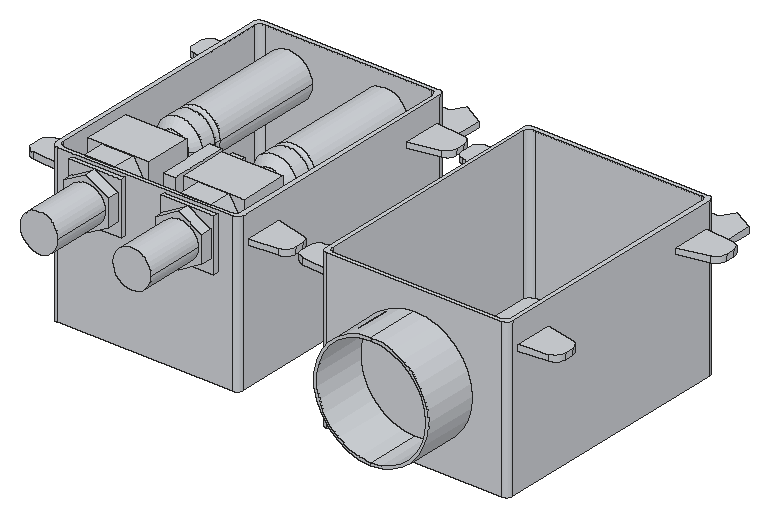
Revit family
Parameters
  Waste Connection = no
  Outlet Connector Type = ""
  Inlet Connector Type = ""
  Frame Visibility [instance] = no
  Drain Right [instance] = yes
  Drain Left [instance] = no
  Drain Frame Right [instance] = no
  Drain Frame Left [instance] = no
  Default Elevation = 40.00"
Reference planes (in)
  plane 1 "Center (Front/Back)": y = 0
  plane 2: z = 0
  plane 3 "Center (Left/Right)": x = 0
Forms (in)
  Extrusion 1, solid, not visible
    sketch origin (0, 0, 0) x (1, 0, 0) y (0, 1, 0)
      loop
        line (-48, 48) -> (-48, -48) -> (48, -48) -> (48, 48) -> (-48, 48)
    from 0 to -12
  Extrusion 2, solid
    sketch origin (-7.70397, -2.8125, -0.625) x (1, 0, 0) y (0, 1, 0)
      loop
        line (9.74457, 5.38) -> (9.74457, 4.5495) -> (10.41144, 4.7033)
        arc (10.41144, 4.7033) -> (10.53349, 4.78027) -> (10.58107, 4.9165) r 0.2188
        line (10.58107, 4.9165) -> (10.58107, 5.0987)
        arc (10.58107, 5.0987) -> (10.52446, 5.24556) -> (10.38392, 5.31643) r 0.2188
        line (10.38392, 5.31643) -> (9.74457, 5.38)
    from 0 to 0.125
  Extrusion 3, solid
    sketch origin (7.70397, -2.8125, -0.625) x (-1, 0, 0) y (0, -1, 0)
      loop
        line (9.74457, -5.38) -> (10.38392, -5.31643)
        arc (10.38392, -5.31643) -> (10.52446, -5.24556) -> (10.58107, -5.0987) r 0.2188
        line (10.58107, -5.0987) -> (10.58107, -4.9165)
        arc (10.58107, -4.9165) -> (10.53349, -4.78027) -> (10.41144, -4.7033) r 0.2188
        line (10.41144, -4.7033) -> (9.74457, -4.5495) -> (9.74457, -5.38)
    from 0 to 0.125
  Extrusion 4, solid
    sketch origin (-7.70397, 2.8125, -0.625) x (1, 0, 0) y (0, 1, 0)
      loop
        line (9.74457, -5.38) -> (10.38392, -5.31643)
        arc (10.38392, -5.31643) -> (10.52446, -5.24556) -> (10.58107, -5.0987) r 0.2188
        line (10.58107, -5.0987) -> (10.58107, -4.9165)
        arc (10.58107, -4.9165) -> (10.53349, -4.78027) -> (10.41144, -4.7033) r 0.2188
        line (10.41144, -4.7033) -> (9.74457, -4.5495) -> (9.74457, -5.38)
    from 0 to 0.125
  Extrusion 5, solid
    sketch origin (7.70397, 2.8125, -0.625) x (-1, 0, 0) y (0, -1, 0)
      loop
        line (9.74457, 5.38) -> (9.74457, 4.5495) -> (10.41144, 4.7033)
        arc (10.41144, 4.7033) -> (10.53349, 4.78027) -> (10.58107, 4.9165) r 0.2188
        line (10.58107, 4.9165) -> (10.58107, 5.0987)
        arc (10.58107, 5.0987) -> (10.52446, 5.24556) -> (10.38392, 5.31643) r 0.2188
        line (10.38392, 5.31643) -> (9.74457, 5.38)
    from 0 to 0.125
  Extrusion 6, void
    sketch origin (0, -2.8125, -3.75) x (1, 0, 0) y (0, 1, 0)
      loop
        arc (-1.81428, 5.535) -> (-1.91067, 5.49507) -> (-1.9506, 5.39868) r 0.13632
        line (-1.9506, 5.39868) -> (-1.9506, 0.21279)
        arc (-1.9506, 0.21279) -> (-1.91067, 0.11639) -> (-1.81428, 0.07647) r 0.13632
        line (-1.81428, 0.07647) -> (1.81428, 0.07647)
        arc (1.81428, 0.07647) -> (1.91067, 0.11639) -> (1.9506, 0.21279) r 0.13632
        line (1.9506, 0.21279) -> (1.9506, 5.39868)
        arc (1.9506, 5.39868) -> (1.91067, 5.49507) -> (1.81428, 5.535) r 0.13632
        line (1.81428, 5.535) -> (-1.81428, 5.535)
    from 0.47737 to 3.75
  Extrusion 7, solid
    sketch origin (7, -2.8125, -3.75) x (1, 0, 0) y (0, 1, 0)
      loop
        arc (-8.90741, 5.625) -> (-9.00159, 5.58599) -> (-9.0406, 5.49181) r 0.13319
        line (-9.0406, 5.49181) -> (-9.0406, 0.13319)
        arc (-9.0406, 0.13319) -> (-9.00159, 0.03901) -> (-8.90741, 0) r 0.13319
        line (-8.90741, 0) -> (-5.09259, 0)
        arc (-5.09259, 0) -> (-4.99841, 0.03901) -> (-4.9594, 0.13319) r 0.13319
        line (-4.9594, 0.13319) -> (-4.9594, 5.49181)
        arc (-4.9594, 5.49181) -> (-4.99841, 5.58599) -> (-5.09259, 5.625) r 0.13319
        line (-5.09259, 5.625) -> (-8.90741, 5.625)
    from 0.33616 to 3.75
  Extrusion 8, solid
    sketch origin (7, -2.8125, -4.09216) x (1, 0, 0) y (0, 1, 0)
      loop
        line (-8.5603, 6.3475) -> (-8.7288, 6.62451) -> (-9.1936, 6.35561) -> (-9.1936, 5.62871) -> (-9.0406, 5.47571) -> (-8.85627, 5.625) -> (-5.10627, 5.625) -> (-4.95819, 5.47692) -> (-4.8064, 5.62871) -> (-4.8064, 6.35561) -> (-5.2712, 6.62451) -> (-5.4397, 6.3475) -> (-8.5603, 6.3475)
    from 3.125 to 3.25
  Extrusion 9, solid, visible <- "Drain Left"
    sketch origin (-13.58517, -2.8125, -0.625) x (1, 0, 0) y (0, 1, 0)
      loop
        line (9.74457, 5.38) -> (9.74457, 4.5495) -> (10.41144, 4.7033)
        arc (10.41144, 4.7033) -> (10.53349, 4.78027) -> (10.58107, 4.9165) r 0.2188
        line (10.58107, 4.9165) -> (10.58107, 5.0987)
        arc (10.58107, 5.0987) -> (10.52446, 5.24556) -> (10.38392, 5.31643) r 0.2188
        line (10.38392, 5.31643) -> (9.74457, 5.38)
    from 0 to 0.125
  Extrusion 10, solid, visible <- "Drain Left"
    sketch origin (1.82277, -2.8125, -0.625) x (-1, 0, 0) y (0, -1, 0)
      loop
        line (9.74457, -5.38) -> (10.38392, -5.31643)
        arc (10.38392, -5.31643) -> (10.52446, -5.24556) -> (10.58107, -5.0987) r 0.2188
        line (10.58107, -5.0987) -> (10.58107, -4.9165)
        arc (10.58107, -4.9165) -> (10.53349, -4.78027) -> (10.41144, -4.7033) r 0.2188
        line (10.41144, -4.7033) -> (9.74457, -4.5495) -> (9.74457, -5.38)
    from 0 to 0.125
  Extrusion 11, solid, visible <- "Drain Left"
    sketch origin (-13.58517, 2.8125, -0.625) x (1, 0, 0) y (0, 1, 0)
      loop
        line (9.74457, -5.38) -> (10.38392, -5.31643)
        arc (10.38392, -5.31643) -> (10.52446, -5.24556) -> (10.58107, -5.0987) r 0.2188
        line (10.58107, -5.0987) -> (10.58107, -4.9165)
        arc (10.58107, -4.9165) -> (10.53349, -4.78027) -> (10.41144, -4.7033) r 0.2188
        line (10.41144, -4.7033) -> (9.74457, -4.5495) -> (9.74457, -5.38)
    from 0 to 0.125
  Extrusion 12, solid, visible <- "Drain Left"
    sketch origin (1.82277, 2.8125, -0.625) x (-1, 0, 0) y (0, -1, 0)
      loop
        line (9.74457, 5.38) -> (9.74457, 4.5495) -> (10.41144, 4.7033)
        arc (10.41144, 4.7033) -> (10.53349, 4.78027) -> (10.58107, 4.9165) r 0.2188
        line (10.58107, 4.9165) -> (10.58107, 5.0987)
        arc (10.58107, 5.0987) -> (10.52446, 5.24556) -> (10.38392, 5.31643) r 0.2188
        line (10.38392, 5.31643) -> (9.74457, 5.38)
    from 0 to 0.125
  Extrusion 13, void
    sketch origin (-5.8812, -2.8125, -3.75) x (1, 0, 0) y (0, 1, 0)
      loop
        arc (-1.81428, 5.535) -> (-1.91067, 5.49507) -> (-1.9506, 5.39868) r 0.13632
        line (-1.9506, 5.39868) -> (-1.9506, 0.21279)
        arc (-1.9506, 0.21279) -> (-1.91067, 0.11639) -> (-1.81428, 0.07647) r 0.13632
        line (-1.81428, 0.07647) -> (1.81428, 0.07647)
        arc (1.81428, 0.07647) -> (1.91067, 0.11639) -> (1.9506, 0.21279) r 0.13632
        line (1.9506, 0.21279) -> (1.9506, 5.39868)
        arc (1.9506, 5.39868) -> (1.91067, 5.49507) -> (1.81428, 5.535) r 0.13632
        line (1.81428, 5.535) -> (-1.81428, 5.535)
    from 0.47737 to 3.75
  Extrusion 14, solid, visible <- "Drain Left"
    sketch origin (1.1188, -2.8125, -3.75) x (1, 0, 0) y (0, 1, 0)
      loop
        arc (-8.90741, 5.625) -> (-9.00159, 5.58599) -> (-9.0406, 5.49181) r 0.13319
        line (-9.0406, 5.49181) -> (-9.0406, 0.13319)
        arc (-9.0406, 0.13319) -> (-9.00159, 0.03901) -> (-8.90741, 0) r 0.13319
        line (-8.90741, 0) -> (-5.09259, 0)
        arc (-5.09259, 0) -> (-4.99841, 0.03901) -> (-4.9594, 0.13319) r 0.13319
        line (-4.9594, 0.13319) -> (-4.9594, 5.49181)
        arc (-4.9594, 5.49181) -> (-4.99841, 5.58599) -> (-5.09259, 5.625) r 0.13319
        line (-5.09259, 5.625) -> (-8.90741, 5.625)
    from 0.33616 to 3.75
  Extrusion 15, solid, visible <- "Drain Left"
    sketch origin (1.1188, -2.8125, -4.09216) x (1, 0, 0) y (0, 1, 0)
      loop
        line (-8.5603, 6.3475) -> (-8.7288, 6.62451) -> (-9.1936, 6.35561) -> (-9.1936, 5.62871) -> (-9.0406, 5.47571) -> (-8.85627, 5.625) -> (-5.10627, 5.625) -> (-4.95819, 5.47692) -> (-4.8064, 5.62871) -> (-4.8064, 6.35561) -> (-5.2712, 6.62451) -> (-5.4397, 6.3475) -> (-8.5603, 6.3475)
    from 3.125 to 3.25
  Revolve 16, solid, visible <- "Drain Left"
    sketch origin (-5.8812, 0, 0) x (0, 1, 0) y (0, 0, 1)
      loop
        line (-3.99587, -2.95884) -> (-2.73378, -2.95884) -> (-2.73378, -2.89715) -> (-3.99587, -2.89715) -> (-3.99587, -2.95884)
      axis (-3.99587, -1.70884) -> (-2.73378, -1.70884)
    angle from 0 to 360
  Extrusion 17, solid, visible <- "Drain Right"
    sketch origin (-1.82277, -2.8125, -0.625) x (1, 0, 0) y (0, 1, 0)
      loop
        line (9.74457, 5.38) -> (9.74457, 4.5495) -> (10.41144, 4.7033)
        arc (10.41144, 4.7033) -> (10.53349, 4.78027) -> (10.58107, 4.9165) r 0.2188
        line (10.58107, 4.9165) -> (10.58107, 5.0987)
        arc (10.58107, 5.0987) -> (10.52446, 5.24556) -> (10.38392, 5.31643) r 0.2188
        line (10.38392, 5.31643) -> (9.74457, 5.38)
    from 0 to 0.125
  Extrusion 18, solid, visible <- "Drain Right"
    sketch origin (13.58517, -2.8125, -0.625) x (-1, 0, 0) y (0, -1, 0)
      loop
        line (9.74457, -5.38) -> (10.38392, -5.31643)
        arc (10.38392, -5.31643) -> (10.52446, -5.24556) -> (10.58107, -5.0987) r 0.2188
        line (10.58107, -5.0987) -> (10.58107, -4.9165)
        arc (10.58107, -4.9165) -> (10.53349, -4.78027) -> (10.41144, -4.7033) r 0.2188
        line (10.41144, -4.7033) -> (9.74457, -4.5495) -> (9.74457, -5.38)
    from 0 to 0.125
  Extrusion 19, solid, visible <- "Drain Right"
    sketch origin (-1.82277, 2.8125, -0.625) x (1, 0, 0) y (0, 1, 0)
      loop
        line (9.74457, -5.38) -> (10.38392, -5.31643)
        arc (10.38392, -5.31643) -> (10.52446, -5.24556) -> (10.58107, -5.0987) r 0.2188
        line (10.58107, -5.0987) -> (10.58107, -4.9165)
        arc (10.58107, -4.9165) -> (10.53349, -4.78027) -> (10.41144, -4.7033) r 0.2188
        line (10.41144, -4.7033) -> (9.74457, -4.5495) -> (9.74457, -5.38)
    from 0 to 0.125
  Extrusion 20, solid, visible <- "Drain Right"
    sketch origin (13.58517, 2.8125, -0.625) x (-1, 0, 0) y (0, -1, 0)
      loop
        line (9.74457, 5.38) -> (9.74457, 4.5495) -> (10.41144, 4.7033)
        arc (10.41144, 4.7033) -> (10.53349, 4.78027) -> (10.58107, 4.9165) r 0.2188
        line (10.58107, 4.9165) -> (10.58107, 5.0987)
        arc (10.58107, 5.0987) -> (10.52446, 5.24556) -> (10.38392, 5.31643) r 0.2188
        line (10.38392, 5.31643) -> (9.74457, 5.38)
    from 0 to 0.125
  Extrusion 21, void
    sketch origin (5.8812, -2.8125, -3.75) x (1, 0, 0) y (0, 1, 0)
      loop
        arc (-1.81428, 5.535) -> (-1.91067, 5.49507) -> (-1.9506, 5.39868) r 0.13632
        line (-1.9506, 5.39868) -> (-1.9506, 0.21279)
        arc (-1.9506, 0.21279) -> (-1.91067, 0.11639) -> (-1.81428, 0.07647) r 0.13632
        line (-1.81428, 0.07647) -> (1.81428, 0.07647)
        arc (1.81428, 0.07647) -> (1.91067, 0.11639) -> (1.9506, 0.21279) r 0.13632
        line (1.9506, 0.21279) -> (1.9506, 5.39868)
        arc (1.9506, 5.39868) -> (1.91067, 5.49507) -> (1.81428, 5.535) r 0.13632
        line (1.81428, 5.535) -> (-1.81428, 5.535)
    from 0.47737 to 3.75
  Extrusion 22, solid, visible <- "Drain Right"
    sketch origin (12.8812, -2.8125, -3.75) x (1, 0, 0) y (0, 1, 0)
      loop
        arc (-8.90741, 5.625) -> (-9.00159, 5.58599) -> (-9.0406, 5.49181) r 0.13319
        line (-9.0406, 5.49181) -> (-9.0406, 0.13319)
        arc (-9.0406, 0.13319) -> (-9.00159, 0.03901) -> (-8.90741, 0) r 0.13319
        line (-8.90741, 0) -> (-5.09259, 0)
        arc (-5.09259, 0) -> (-4.99841, 0.03901) -> (-4.9594, 0.13319) r 0.13319
        line (-4.9594, 0.13319) -> (-4.9594, 5.49181)
        arc (-4.9594, 5.49181) -> (-4.99841, 5.58599) -> (-5.09259, 5.625) r 0.13319
        line (-5.09259, 5.625) -> (-8.90741, 5.625)
    from 0.33616 to 3.75
  Extrusion 23, solid, visible <- "Drain Right"
    sketch origin (12.8812, -2.8125, -4.09216) x (1, 0, 0) y (0, 1, 0)
      loop
        line (-8.5603, 6.3475) -> (-8.7288, 6.62451) -> (-9.1936, 6.35561) -> (-9.1936, 5.62871) -> (-9.0406, 5.47571) -> (-8.85627, 5.625) -> (-5.10627, 5.625) -> (-4.95819, 5.47692) -> (-4.8064, 5.62871) -> (-4.8064, 6.35561) -> (-5.2712, 6.62451) -> (-5.4397, 6.3475) -> (-8.5603, 6.3475)
    from 3.125 to 3.25
  Revolve 24, solid, visible <- "Drain Right"
    sketch origin (5.8812, 0, 0) x (0, 1, 0) y (0, 0, 1)
      loop
        line (-3.99587, -2.95884) -> (-2.73378, -2.95884) -> (-2.73378, -2.89715) -> (-3.99587, -2.89715) -> (-3.99587, -2.95884)
      axis (-3.99587, -1.70884) -> (-2.73378, -1.70884)
    angle from 0 to 360
  Extrusion 25, solid
    sketch origin (-1.75, -1.806, -2.99004) x (1, 0, 0) y (0, 0, 1)
      loop
        line (3.4606, 2.99004) -> (2.1306, 2.99004) -> (2.1306, 1.83823) -> (3.4606, 1.83823) -> (3.4606, 2.99004)
    from -0.61996 to 0.42904
  Extrusion 26, solid
    sketch origin (-1.75, -1.806, -3.43713) x (1, 0, 0) y (0, 0, 1)
      loop
        line (3.4606, 2.86123) -> (3.1281, 3.43713) -> (2.4631, 3.43713) -> (2.1306, 2.86123) -> (2.4631, 2.28532) -> (3.1281, 2.28532) -> (3.4606, 2.86123)
    from 0.42904 to 0.93004
  Extrusion 27, solid
    sketch origin (0.3029, 0, -0.77554) x (1, 0, 0) y (0, 1, 0)
      loop
        line (0.0777, -1.86103) -> (0.0777, -0.57103) -> (-0.1823, -0.57103) -> (-0.1823, -1.86103) -> (0.0777, -1.86103)
    from 0 to 0.39927
  Extrusion 28, solid
    sketch origin (1.75, -1.806, -2.99004) x (-1, 0, 0) y (0, 0, -1)
      loop
        line (3.4606, -2.99004) -> (3.4606, -1.83823) -> (2.1306, -1.83823) -> (2.1306, -2.99004) -> (3.4606, -2.99004)
    from -0.61996 to 0.42904
  Extrusion 29, solid
    sketch origin (1.75, -1.806, -3.43713) x (-1, 0, 0) y (0, 0, -1)
      loop
        line (3.4606, -2.86123) -> (3.1281, -2.28532) -> (2.4631, -2.28532) -> (2.1306, -2.86123) -> (2.4631, -3.43713) -> (3.1281, -3.43713) -> (3.4606, -2.86123)
    from 0.42904 to 0.93004
  Extrusion 30, solid
    sketch origin (-0.3029, 0, -0.77554) x (-1, 0, 0) y (0, -1, 0)
      loop
        line (0.0777, 1.86103) -> (-0.1823, 1.86103) -> (-0.1823, 0.57103) -> (0.0777, 0.57103) -> (0.0777, 1.86103)
    from 0 to 0.4
  Extrusion 31, solid
    sketch origin (-0.65625, 0, 0) x (1, 0, 0) y (0, 0, 1)
      loop
        line (0.22268, -0.0625) -> (-0.92732, -0.0625) -> (-0.92732, -1.21223) -> (0.22268, -1.21223) -> (0.22268, -0.0625)
    from 2.8125 to 2.9125
  Extrusion 32, solid
    sketch origin (0.65625, 0, 0) x (-1, 0, 0) y (0, 0, -1)
      loop
        line (0.22268, 0.0625) -> (0.22268, 1.21223) -> (-0.92732, 1.21223) -> (-0.92732, 0.0625) -> (0.22268, 0.0625)
    from 2.8125 to 2.9125
  Extrusion 33, solid
    sketch origin (0, 0, 0) x (1, 0, 0) y (0, 0, 1)
      loop
        line (-1.0117, -0.0625) -> (-1.50955, -0.34993) -> (-1.50955, -0.9248) -> (-1.0117, -1.21223) -> (-0.51385, -0.9248) -> (-0.51385, -0.34993) -> (-1.0117, -0.0625)
    from 2.9125 to 3.1475
  Extrusion 34, solid
    sketch origin (0, 0, 0) x (-1, 0, 0) y (0, 0, -1)
      loop
        line (-1.0117, 0.0625) -> (-0.51385, 0.34993) -> (-0.51385, 0.9248) -> (-1.0117, 1.21223) -> (-1.50955, 0.9248) -> (-1.50955, 0.34993) -> (-1.0117, 0.0625)
    from 2.9125 to 3.1475
  Extrusion 35, solid
    sketch origin (0, 0, 0) x (1, 0, 0) y (0, 0, 1)
      loop
        circle (-1.0117, -0.63736) r 0.4125
    from 4.42992 to 3.1475
  Extrusion 36, solid
    sketch origin (0, 0, 0) x (-1, 0, 0) y (0, 0, -1)
      loop
        circle (-1.0117, 0.63736) r 0.4125
    from 4.42992 to 3.1475
  Revolve 37, solid
    sketch origin (0, 0, -0.59375) x (1, 0, 0) y (0, 1, 0)
      loop
        line (-1.37372, -1.18603) -> (-1.0456, -1.18603) -> (-1.0456, 2.55068)
        arc (-1.0456, 2.55068) -> (-1.30667, 2.51883) -> (-1.54869, 2.41588) r 0.93975
        line (-1.54869, 2.41588) -> (-1.54869, -0.06815)
        arc (-1.54869, -0.06815) -> (-1.51935, -0.14571) -> (-1.54869, -0.22328) r 0.11721
        line (-1.54869, -0.22328) -> (-1.54869, -0.55818) -> (-1.37372, -0.73314) -> (-1.37372, -1.18603)
      axis (-1.0456, -1.18603) -> (-1.0456, 2.55068)
    angle from 0 to 360
  Revolve 38, solid
    sketch origin (0, 0, -0.59375) x (-1, 0, 0) y (0, 1, 0)
      loop
        line (-1.37372, -1.18603) -> (-1.0456, -1.18603) -> (-1.0456, 2.55068)
        arc (-1.0456, 2.55068) -> (-1.30667, 2.51883) -> (-1.54869, 2.41588) r 0.93975
        line (-1.54869, 2.41588) -> (-1.54869, -0.06815)
        arc (-1.54869, -0.06815) -> (-1.51935, -0.14571) -> (-1.54869, -0.22328) r 0.11721
        line (-1.54869, -0.22328) -> (-1.54869, -0.55818) -> (-1.37372, -0.73314) -> (-1.37372, -1.18603)
      axis (-1.0456, -1.18603) -> (-1.0456, 2.55068)
    angle from 0 to 360
  Sweep 39, solid, not visible
    path origin (0, 0, 0) x (1, 0, 0) y (0, 0, 1)
      loop
        line (-1.7174, 2.5401) -> (-1.7174, -2.5401) -> (1.7174, -2.5401) -> (1.7174, 2.5401) -> (-1.7174, 2.5401)
    profile origin (-1.7174, 0, 0) x (0, -1, 0) y (1, 0, 0)
      loop
        line (0, 0) -> (0, -1.1782) -> (0.125, -1.1782)
        arc (0.125, -1.1782) -> (0.18244, -0.8066) -> (0.29371, -0.44742) r 2.55875
        arc (0.29371, -0.44742) -> (0.35615, -0.22767) -> (0.375, 0) r 1.17785
        line (0.375, 0) -> (0, 0)
  Sweep 40, solid, visible <- "Frame Visibility"
    path origin (0, 0, -0.1875) x (1, 0, 0) y (0, 1, 0)
      loop
        line (-1.7174, 2.5401) -> (-1.7174, -2.5401) -> (1.7174, -2.5401) -> (1.7174, 2.5401) -> (-1.7174, 2.5401)
    profile origin (-1.7174, 0, -0.1875) x (1, 0, 0) y (0, 0, 1)
      loop
        line (0, 0) -> (0, 0.375)
        arc (0, 0.375) -> (-0.22767, 0.35615) -> (-0.44742, 0.29371) r 1.17785
        arc (-0.44742, 0.29371) -> (-0.8066, 0.18244) -> (-1.1782, 0.125) r 2.55875
        line (-1.1782, 0.125) -> (-1.1782, 0) -> (0, 0)
  Sweep 41, solid, visible <- "Drain Frame Left"
    path origin (-5.8812, 0, -0.1875) x (1, 0, 0) y (0, 1, 0)
      loop
        line (-1.7174, 2.5401) -> (-1.7174, -2.5401) -> (1.7174, -2.5401) -> (1.7174, 2.5401) -> (-1.7174, 2.5401)
    profile origin (-7.5986, 0, -0.1875) x (1, 0, 0) y (0, 0, 1)
      loop
        line (0, 0) -> (0, 0.375)
        arc (0, 0.375) -> (-0.22767, 0.35615) -> (-0.44742, 0.29371) r 1.17785
        arc (-0.44742, 0.29371) -> (-0.8066, 0.18244) -> (-1.1782, 0.125) r 2.55875
        line (-1.1782, 0.125) -> (-1.1782, 0) -> (0, 0)
  Sweep 42, solid, visible <- "Drain Frame Right"
    path origin (5.8812, 0, -0.1875) x (1, 0, 0) y (0, 1, 0)
      loop
        line (-1.7174, 2.5401) -> (-1.7174, -2.5401) -> (1.7174, -2.5401) -> (1.7174, 2.5401) -> (-1.7174, 2.5401)
    profile origin (4.1638, 0, -0.1875) x (1, 0, 0) y (0, 0, 1)
      loop
        line (0, 0) -> (0, 0.375)
        arc (0, 0.375) -> (-0.22767, 0.35615) -> (-0.44742, 0.29371) r 1.17785
        arc (-0.44742, 0.29371) -> (-0.8066, 0.18244) -> (-1.1782, 0.125) r 2.55875
        line (-1.1782, 0.125) -> (-1.1782, 0) -> (0, 0)
Cuts and joins
  Extrusion 6, Extrusion 13, Extrusion 21 cuts Extrusion 7
  Extrusion 13, Extrusion 21 cuts Extrusion 8
  Extrusion 13 cuts Extrusion 14
  Extrusion 13 cuts Extrusion 15
  Extrusion 13 cuts Revolve 16
  Extrusion 21 cuts Extrusion 22
  Extrusion 21 cuts Extrusion 23
  Extrusion 21 cuts Revolve 24
Lines and regions (in)
  model lines
    curve 1: circle (2.6206, 2.1725, -0.5) r 0.09 normal (0, 0, 1)
    curve 2: circle (-2.6206, 2.1725, -0.5) r 0.09 normal (0, 0, -1)
    curve 3: circle (2.6206, -2.1725, -0.5) r 0.09 normal (0, 0, -1)
    curve 4: circle (-2.6206, -2.1725, -0.5) r 0.09 normal (0, 0, 1)
    curve 5: line (-0.2884, 2.8125, -0.84216) -> (-0.2884, 3.535, -0.84216)
    curve 6: line (0.3116, 2.8125, -0.84216) -> (0.3116, 3.535, -0.84216)
    curve 7: line (0.9116, 2.8125, -0.84216) -> (0.9116, 3.535, -0.84216)
    curve 8: line (-0.8884, 2.8125, -0.84216) -> (-0.8884, 3.535, -0.84216)
    curve 9: line (-1.4884, 2.8125, -0.84216) -> (-1.4884, 3.535, -0.84216)
    curve 10: line (1.5116, 2.8125, -0.84216) -> (1.5116, 3.535, -0.84216)
    curve 11: line (-1.6414, 2.8125, -0.84216) -> (-1.6414, 3.535, -0.84216)
    curve 12: line (-1.5603, 3.535, -0.84216) -> (-1.6414, 3.535, -0.84216)
    curve 13: line (-1.6414, 3.535, -0.84216) -> (-1.70032, 3.31511, -0.84216)
    curve 14: line (-1.70032, 3.31511, -0.84216) -> (-2.1936, 3.10261, -0.84216)
    curve 15: line (1.5603, 3.535, -0.84216) -> (1.6414, 3.535, -0.84216)
    curve 16: line (1.6414, 3.535, -0.84216) -> (1.70032, 3.31511, -0.84216)
    curve 17: line (1.70032, 3.31511, -0.84216) -> (2.1936, 3.10261, -0.84216)
    curve 18: line (-1.8226, 3.55987, -0.84216) -> (-1.8226, 3.37958, -0.84216)
    curve 19: line (-1.8226, 3.37958, -0.84216) -> (-2.00154, 3.3025, -0.84216)
    curve 20: line (-2.00154, 3.3025, -0.84216) -> (-2.00154, 3.48278, -0.84216)
    curve 21: line (-1.8226, 3.55987, -0.84216) -> (-2.00154, 3.48278, -0.84216)
    curve 22: line (1.8226, 3.55987, -0.84216) -> (1.8226, 3.37958, -0.84216)
    curve 23: line (1.8226, 3.37958, -0.84216) -> (2.00154, 3.3025, -0.84216)
    curve 24: line (2.00154, 3.3025, -0.84216) -> (2.00154, 3.48278, -0.84216)
    curve 25: line (1.8226, 3.55987, -0.84216) -> (2.00154, 3.48278, -0.84216)
    curve 62: line (4.3209, 3.535, -0.84216) -> (4.2398, 3.535, -0.84216)
    curve 65: line (7.4415, 3.535, -0.84216) -> (7.5226, 3.535, -0.84216)
    curve 76: circle (-1.0456, -1.7116, 0) r 0.45 normal (0, 0, 1)
    curve 77: circle (-1.0456, -1.7116, 0) r 0.35 normal (0, 0, 1)
    curve 78: circle (-1.0456, -1.7116, 0) r 0.1875 normal (0, 0, 1)
    curve 79: circle (1.0456, -1.7116, 0) r 0.45 normal (0, 0, -1)
    curve 80: circle (1.0456, -1.7116, 0) r 0.35 normal (0, 0, -1)
    curve 81: circle (1.0456, -1.7116, 0) r 0.1875 normal (0, 0, -1)
    curve 82: line (-0.81338, -0.22328, 0) -> (-0.81338, -0.55818, 0)
  model lines, visible <- "Drain Left"
    curve 26: circle (-3.2606, 2.1725, -0.5) r 0.09 normal (0, 0, 1)
    curve 27: circle (-8.5018, 2.1725, -0.5) r 0.09 normal (0, 0, -1)
    curve 28: circle (-3.2606, -2.1725, -0.5) r 0.09 normal (0, 0, -1)
    curve 29: circle (-8.5018, -2.1725, -0.5) r 0.09 normal (0, 0, 1)
    curve 30: line (-6.1696, 2.8125, -0.84216) -> (-6.1696, 3.535, -0.84216)
    curve 31: line (-5.5696, 2.8125, -0.84216) -> (-5.5696, 3.535, -0.84216)
    curve 32: line (-4.9696, 2.8125, -0.84216) -> (-4.9696, 3.535, -0.84216)
    curve 33: line (-6.7696, 2.8125, -0.84216) -> (-6.7696, 3.535, -0.84216)
    curve 34: line (-7.3696, 2.8125, -0.84216) -> (-7.3696, 3.535, -0.84216)
    curve 35: line (-4.3696, 2.8125, -0.84216) -> (-4.3696, 3.535, -0.84216)
    curve 36: line (-7.5226, 2.8125, -0.84216) -> (-7.5226, 3.535, -0.84216)
    curve 37: line (-7.4415, 3.535, -0.84216) -> (-7.5226, 3.535, -0.84216)
    curve 38: line (-7.5226, 3.535, -0.84216) -> (-7.58152, 3.31511, -0.84216)
    curve 39: line (-7.58152, 3.31511, -0.84216) -> (-8.0748, 3.10261, -0.84216)
    curve 40: line (-4.3209, 3.535, -0.84216) -> (-4.2398, 3.535, -0.84216)
    curve 41: line (-4.2398, 3.535, -0.84216) -> (-4.18088, 3.31511, -0.84216)
    curve 42: line (-4.18088, 3.31511, -0.84216) -> (-3.6876, 3.10261, -0.84216)
    curve 43: line (-7.7038, 3.55987, -0.84216) -> (-7.7038, 3.37958, -0.84216)
    curve 44: line (-7.7038, 3.37958, -0.84216) -> (-7.88274, 3.3025, -0.84216)
    curve 45: line (-7.88274, 3.3025, -0.84216) -> (-7.88274, 3.48278, -0.84216)
    curve 46: line (-7.7038, 3.55987, -0.84216) -> (-7.88274, 3.48278, -0.84216)
    curve 47: line (-4.0586, 3.55987, -0.84216) -> (-4.0586, 3.37958, -0.84216)
    curve 48: line (-4.0586, 3.37958, -0.84216) -> (-3.87966, 3.3025, -0.84216)
    curve 49: line (-3.87966, 3.3025, -0.84216) -> (-3.87966, 3.48278, -0.84216)
    curve 50: line (-4.0586, 3.55987, -0.84216) -> (-3.87966, 3.48278, -0.84216)
  model lines, visible <- "Drain Right"
    curve 51: circle (8.5018, 2.1725, -0.5) r 0.09 normal (0, 0, 1)
    curve 52: circle (3.2606, 2.1725, -0.5) r 0.09 normal (0, 0, -1)
    curve 53: circle (8.5018, -2.1725, -0.5) r 0.09 normal (0, 0, -1)
    curve 54: circle (3.2606, -2.1725, -0.5) r 0.09 normal (0, 0, 1)
    curve 55: line (5.5928, 2.8125, -0.84216) -> (5.5928, 3.535, -0.84216)
    curve 56: line (6.1928, 2.8125, -0.84216) -> (6.1928, 3.535, -0.84216)
    curve 57: line (6.7928, 2.8125, -0.84216) -> (6.7928, 3.535, -0.84216)
    curve 58: line (4.9928, 2.8125, -0.84216) -> (4.9928, 3.535, -0.84216)
    curve 59: line (4.3928, 2.8125, -0.84216) -> (4.3928, 3.535, -0.84216)
    curve 60: line (7.3928, 2.8125, -0.84216) -> (7.3928, 3.535, -0.84216)
    curve 61: line (4.2398, 2.8125, -0.84216) -> (4.2398, 3.535, -0.84216)
    curve 63: line (4.2398, 3.535, -0.84216) -> (4.18088, 3.31511, -0.84216)
    curve 64: line (4.18088, 3.31511, -0.84216) -> (3.6876, 3.10261, -0.84216)
    curve 66: line (7.5226, 3.535, -0.84216) -> (7.58152, 3.31511, -0.84216)
    curve 67: line (7.58152, 3.31511, -0.84216) -> (8.0748, 3.10261, -0.84216)
    curve 68: line (4.0586, 3.55987, -0.84216) -> (4.0586, 3.37958, -0.84216)
    curve 69: line (4.0586, 3.37958, -0.84216) -> (3.87966, 3.3025, -0.84216)
    curve 70: line (3.87966, 3.3025, -0.84216) -> (3.87966, 3.48278, -0.84216)
    curve 71: line (4.0586, 3.55987, -0.84216) -> (3.87966, 3.48278, -0.84216)
    curve 72: line (7.7038, 3.55987, -0.84216) -> (7.7038, 3.37958, -0.84216)
    curve 73: line (7.7038, 3.37958, -0.84216) -> (7.88274, 3.3025, -0.84216)
    curve 74: line (7.88274, 3.3025, -0.84216) -> (7.88274, 3.48278, -0.84216)
    curve 75: line (7.7038, 3.55987, -0.84216) -> (7.88274, 3.48278, -0.84216)
Dimensions and locks (in)
  locked: Extrusion 34 to cut or joined group of Extrusion 6, Extrusion 7, Extrusion 13, Extrusion 21 at 0.335
  locked: Extrusion 33 to cut or joined group of Extrusion 6, Extrusion 7, Extrusion 13, Extrusion 21 at 0.335
  locked: cut or joined group of Extrusion 6, Extrusion 7, Extrusion 13, Extrusion 21 to plane 1 "Center (Front/Back)" at 2.8125
  locked: cut or joined group of Extrusion 6, Extrusion 7, Extrusion 13, Extrusion 21 to cut or joined group of Extrusion 6, Extrusion 7, Extrusion 13, Extrusion 21 at 5.625
  locked: cut or joined group of Extrusion 13, Extrusion 14 to plane 1 "Center (Front/Back)" at 2.8125
  locked: cut or joined group of Extrusion 13, Extrusion 14 to cut or joined group of Extrusion 13, Extrusion 14 at 5.625
  locked: cut or joined group of Extrusion 21, Extrusion 22 to plane 1 "Center (Front/Back)" at 2.8125
  locked: cut or joined group of Extrusion 21, Extrusion 22 to cut or joined group of Extrusion 21, Extrusion 22 at 5.625
  locked: Extrusion 35 to cut or joined group of Extrusion 6, Extrusion 7, Extrusion 13, Extrusion 21 at 1.61742
  locked: Extrusion 36 to cut or joined group of Extrusion 6, Extrusion 7, Extrusion 13, Extrusion 21 at 1.61742
  aligned and locked: plane 2 to Extrusion 1
  aligned and locked: level to Extrusion 1
  aligned and locked: Extrusion 7 to Extrusion 2
  aligned: Extrusion 7 to level
  aligned and locked: Extrusion 2 to Extrusion 4
  aligned and locked: Extrusion 6 to Extrusion 7
  aligned and locked: Extrusion 14 to Extrusion 9
  aligned and locked: Extrusion 9 to Extrusion 11
  aligned and locked: Extrusion 13 to Extrusion 14
  aligned and locked: Extrusion 22 to Extrusion 17
  aligned and locked: Extrusion 17 to Extrusion 19
  aligned and locked: Extrusion 21 to Extrusion 22
  aligned and locked: Extrusion 25 to Extrusion 26
  aligned and locked: Extrusion 29 to Extrusion 28
  aligned and locked: cut or joined group of Extrusion 6, Extrusion 7, Extrusion 13, Extrusion 21 to Extrusion 31
  aligned and locked: Extrusion 31 to Extrusion 33
  aligned and locked: Extrusion 35 to Extrusion 33
Connectors (in)
  piping at (-1.0456, -1.71053, 0), driven by "Outlet Connector Type"
    settings: on Extrusion 28, index 1, connector radius 0.38", flow factor 0, pipe flow 0 GPM, pressure drop 0.00 psi, fitting loss kfactor 0, connector angle 0.00°, fixture units 0, flow configuration 0, flow direction 2, fitting loss method 0, system type 19, connector reference index -1, connector utility 0, adjustable connector no, is connector primary yes, fitting loss table "", connector description ""
  piping at (1.0456, -1.71053, 0), driven by "Outlet Connector Type"
    settings: on Extrusion 25, index 2, connector radius 0.38", flow factor 0, pipe flow 0 GPM, pressure drop 0.00 psi, fitting loss kfactor 0, connector angle 0.00°, fixture units 0, flow configuration 0, flow direction 2, fitting loss method 0, system type 20, connector reference index -1, connector utility 0, adjustable connector no, is connector primary no, fitting loss table "", connector description ""
  piping at (-5.8812, -3.99587, -1.70884)
    settings: on cut or joined group of Extrusion 13, Revolve 16, index 3, connector radius 1 1/4", flow factor 0, pipe flow 0 GPM, pressure drop 0.00 psi, fitting loss kfactor 0, connector angle 0.00°, fixture units 0, flow configuration 0, flow direction 1, fitting loss method 0, system type 16, connector reference index -1, connector utility 0, adjustable connector no, is connector primary no, fitting loss table "", connector description ""
  piping at (5.8812, -3.99587, -1.70884)
    settings: on cut or joined group of Extrusion 21, Revolve 24, index 4, connector radius 1 1/4", flow factor 0, pipe flow 0 GPM, pressure drop 0.00 psi, fitting loss kfactor 0, connector angle 0.00°, fixture units 0, flow configuration 0, flow direction 1, fitting loss method 0, system type 16, connector reference index -1, connector utility 0, adjustable connector no, is connector primary no, fitting loss table "", connector description ""
  piping at (1.0117, -4.42992, -0.63736), driven by "Inlet Connector Type"
    settings: on Extrusion 36, index 5, connector radius 1/4", flow factor 0, pipe flow 0 GPM, pressure drop 0.00 psi, fitting loss kfactor 0, connector angle 0.00°, fixture units 0, flow configuration 0, flow direction 1, fitting loss method 0, system type 20, connector reference index -1, connector utility 0, adjustable connector no, is connector primary no, fitting loss table "", connector description ""
  piping at (-1.0117, -4.42992, -0.63736), driven by "Inlet Connector Type"
    settings: on Extrusion 35, index 6, connector radius 1/4", flow factor 0, pipe flow 0 GPM, pressure drop 0.00 psi, fitting loss kfactor 0, connector angle 0.00°, fixture units 0, flow configuration 0, flow direction 1, fitting loss method 0, system type 19, connector reference index -1, connector utility 0, adjustable connector no, is connector primary no, fitting loss table "", connector description ""
